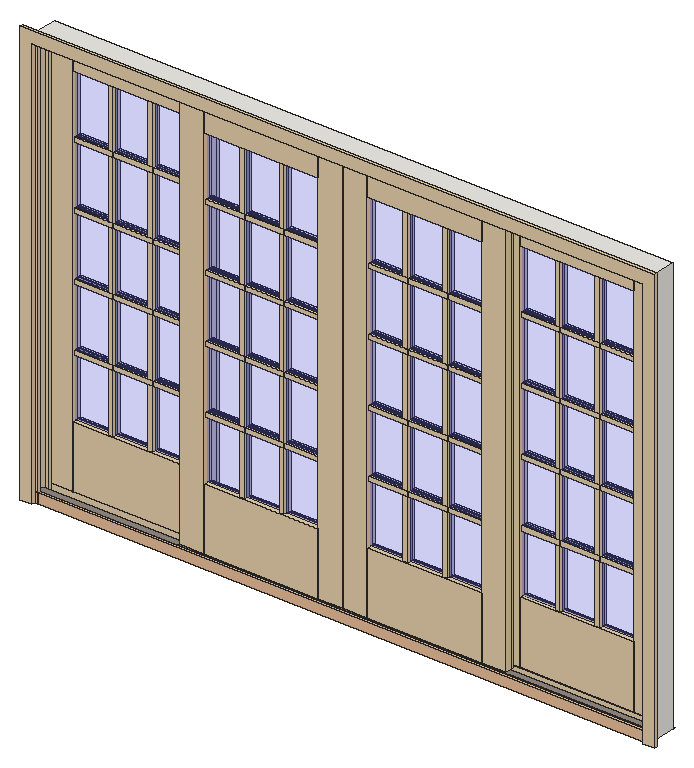
Revit family "Door-Gliding-Andersen-E_Series-Quad 2", category Doors, host Wall, Revit 2013 (continued)
Dimensions and locks (in)
  aligned and locked: plane 54 "Frame S2 Ext" to curve 129
  aligned and locked: plane 9 "Frame S2" to curve 129
  aligned and locked: plane 20 "R Casing 4" to curve 128
  aligned and locked: plane 3 "R Frame" to curve 129
  aligned and locked: plane 13 "Casing S1" to curve 130
  aligned and locked: plane 10 "Flange" to curve 130
  aligned and locked: plane 54 "Frame S2 Ext" to curve 131
  aligned and locked: plane 9 "Frame S2" to curve 131
  aligned and locked: plane 4 "L Frame" to curve 131
  aligned and locked: plane 23 "L Casing 4" to curve 130
  aligned and locked: plane 13 "Casing S1" to curve 132
  aligned and locked: plane 10 "Flange" to curve 132
  aligned and locked: plane 9 "Frame S2" to curve 133
  aligned and locked: plane 5 "T Frame" to curve 133
  aligned and locked: plane 13 "Casing S1" to curve 4
  aligned and locked: plane 32 "T Casing 4" to curve 132
  aligned and locked: plane 4 "L Frame" to Masking region 8 sketch curve
  aligned and locked: plane 5 "T Frame" to Masking region 8 sketch curve
  aligned and locked: Masking region 8 sketch curve to plane 3 "R Frame"
Automatic sketch dimensions
  curve 15 to curve 17 = 0' - 0.988"
  curve 16 to curve 17 = 0' - 1.84113"
  curve 17 to curve 42 = 0' - 0 33/64"
  curve 19 to curve 45 = 0' - 2.0615"
  curve 43 to curve 21 = 0' - 0 1/2"
  curve 21 to curve 17 = 0' - 0 3/4"
  curve 43 to curve 17 = 0' - 0"
  curve 43 to curve 45 = 0' - 0.563"
  curve 42 to curve 42 = 0' - 0 5/8"
  curve 16 to curve 15 = 0' - 0 3/4"
  curve 46 to curve 15 = 0' - 1.08388"
  curve 22 to curve 21 = 0' - 0.21034"
  curve 34 to curve 36 = 0' - 0.988"
  curve 35 to curve 36 = 0' - 1.84113"
  curve 36 to curve 47 = 0' - 0 33/64"
  curve 38 to curve 50 = 0' - 2.0615"
  curve 48 to curve 40 = 0' - 0 1/2"
  curve 40 to curve 36 = 0' - 0 3/4"
  curve 48 to curve 36 = 0' - 0"
  curve 48 to curve 50 = 0' - 0.563"
  curve 47 to curve 47 = 0' - 0 5/8"
  curve 35 to curve 34 = 0' - 0 3/4"
  curve 51 to curve 34 = 0' - 1.08388"
  curve 41 to curve 40 = 0' - 0.21034"
  curve 54 to curve 52 = 0' - 0.988"
  curve 54 to curve 53 = 0' - 1.84113"
  curve 60 to curve 54 = 0' - 0 33/64"
  curve 63 to curve 56 = 0' - 2.0615"
  curve 58 to curve 61 = 0' - 0 1/2"
  curve 58 to curve 54 = 0' - 0 3/4"
  curve 61 to curve 54 = 0' - 0"
  curve 61 to curve 63 = 0' - 0.563"
  curve 60 to curve 60 = 0' - 0 5/8"
  curve 53 to curve 52 = 0' - 0 3/4"
  curve 64 to curve 52 = 0' - 1.08388"
  curve 58 to curve 59 = 0' - 0.21034"
  curve 29 to curve 85 = 0' - 0 1/2"
  curve 85 to curve 23 = 0' - 2.0615"
  curve 23 to curve 23 = 0' - 0 33/64"
  curve 24 to curve 25 = 0' - 2.21925"
  curve 25 to curve 30 = 0' - 0.39954"
  curve 25 to curve 87 = 0' - 0.60988"
  curve 26 to curve 83 = 0' - 0 1/8"
  curve 23 to curve 86 = 0' - 0.062"
  curve 26 to curve 26 = 0' - 0 3/4"
  curve 85 to curve 85 = 0' - 0.563"
  curve 25 to curve 87 = 0' - 0.33388"
  curve 28 to curve 87 = 0' - 0.41612"
  curve 81 to curve 90 = 0' - 0 1/2"
  curve 90 to curve 75 = 0' - 2.0615"
  curve 75 to curve 75 = 0' - 0 33/64"
  curve 76 to curve 77 = 0' - 2.21925"
  curve 77 to curve 82 = 0' - 0.39954"
  curve 77 to curve 92 = 0' - 0.60988"
  curve 78 to curve 88 = 0' - 0 1/8"
  curve 75 to curve 91 = 0' - 0.062"
  curve 78 to curve 78 = 0' - 0 3/4"
  curve 90 to curve 90 = 0' - 0.563"
  curve 77 to curve 92 = 0' - 0.33388"
  curve 80 to curve 92 = 0' - 0.41612"
  curve 67 to curve 68 = 0' - 0.65447"
  curve 68 to curve 70 = 0' - 1.31268"
  curve 71 to curve 65 = 0' - 1.82508"
  curve 65 to curve 65 = 0' - 1.05261"
  curve 93 to curve 71 = 0' - 0.06458"
  curve 65 to curve 65 = 0' - 0.05976"
  curve 65 to curve 73 = 0' - 0.13918"
  curve 71 to curve 71 = 0' - 0.12708"
  curve 71 to curve 72 = 0' - 0 1/8"
  curve 72 to curve 72 = 0' - 0.08478"
  curve 70 to curve 67 = 0' - 1.24271"
  curve 70 to curve 70 = 0' - 1.28489"
  curve 68 to curve 69 = 0' - 0.13398"
  curve 66 to curve 65 = 0' - 0.09649"
  curve 67 to curve 67 = 0' - 1 7/8"
  curve 72 to curve 95 = 0' - 1.60869"
  curve 69 to curve 94 = 0' - 1.21767"
  curve 9 to curve 67 = 0' - 0"
  curve 93 to curve 9 = 0' - 1 15/128"
  curve 93 to curve 9 = 0' - 0"
  curve 10 to curve 67 = 0' - 0"
  curve 8 to curve 66 = 0' - 0"
  curve 96 to curve 96 = 0' - 5 29/32"
  curve 97 to curve 97 = 0' - 5 29/32"
  curve 7 to curve 7 = 0' - 5 29/32"
  curve 103 to curve 104 = 0' - 0.65447"
  curve 104 to curve 106 = 0' - 1.31268"
  curve 107 to curve 101 = 0' - 1.82508"
  curve 101 to curve 101 = 0' - 1.05261"
  curve 111 to curve 107 = 0' - 0.06458"
  curve 101 to curve 101 = 0' - 0.05976"
  curve 101 to curve 109 = 0' - 0.13918"
  curve 107 to curve 107 = 0' - 0.12708"
  curve 107 to curve 108 = 0' - 0 1/8"
  curve 108 to curve 108 = 0' - 0.08478"
  curve 106 to curve 103 = 0' - 1.24271"
  curve 106 to curve 106 = 0' - 1.28489"
  curve 104 to curve 105 = 0' - 0.13398"
  curve 102 to curve 101 = 0' - 0.09649"
  curve 103 to curve 103 = 0' - 1 7/8"
  curve 108 to curve 113 = 0' - 1.60869"
  curve 105 to curve 112 = 0' - 1.21767"
  curve 99 to curve 103 = 0' - 0"
  curve 111 to curve 99 = 0' - 1 15/128"
  curve 111 to curve 99 = 0' - 0"
  curve 100 to curve 103 = 0' - 0"
  curve 98 to curve 102 = 0' - 0"
  Sweep 8 sketch curve to level = 0' - 0"  (x2)
  profile plane to Sweep 8 sketch curve = 0' - 0 3/4"
  profile plane to Sweep 12 sketch curve = 0' - 1.85627"
  Sweep 12 sketch curve to Sweep 12 sketch curve = 0' - 1.73369"
  Split face 1 sketch curve to Sweep 12 = 0' - 0"
  Split face 1 sketch curve to Sweep 12 = 0' - 1.83234"
  Split face 3 sketch curve to Sweep 10 = 0' - 0"  (x2)
  Split face 4 sketch curve to Sweep 10 = 0' - 0"
  Sweep 10 to Split face 4 sketch curve = 0' - 0"
  Sweep 10 to Split face 5 sketch curve = 0' - 0"
  Split face 5 sketch curve to Sweep 10 = 0' - 0"
  Split face 6 sketch curve to Sweep 10 = 0' - 0"  (x2)
  Split face 7 sketch curve to Sweep 8 = 0' - 0"
  Sweep 8 to Split face 7 sketch curve = 0' - 0"
  Sweep 8 to Split face 8 sketch curve = 0' - 0"  (x2)
  Split face 9 sketch curve to Sweep 8 = 0' - 0"  (x2)
  Split face 10 sketch curve to Sweep 8 = 0' - 0"
  Sweep 8 to Split face 10 sketch curve = 0' - 0"
  Split face 11 sketch curve to Sweep 8 = 0' - 0"  (x2)
  Split face 12 sketch curve to Sweep 8 = 0' - 0"  (x2)
  profile plane to Sweep 7 sketch curve = 0' - 1 3/8"
  profile plane to Sweep 7 sketch curve = 0' - 1.313"
  Sweep 7 sketch curve to plane 10 "Flange" = 0' - 4 1/16"
  profile plane to Sweep 7 sketch curve = 0' - 0.41612"
  plane 10 "Flange" to Sweep 7 sketch curve = 0' - 0.35575"
  Sweep 7 sketch curve to Sweep 7 sketch curve = 0' - 0.21034"
  curve 121 to plane 11 "Frame S1" = 0' - 0"
  curve 33 to plane 3 "R Frame" = 0' - 0"
  curve 12 to plane 3 "R Frame" = 0' - 0"
  curve 115 to plane 3 "R Frame" = 0' - 0"
  curve 33 to plane 36 "R Xjamb 1" = 0' - 0"
  curve 12 to plane 17 "R Casing 1" = 0' - 0 1/8"
  Sweep 9 sketch curve to profile plane = 0' - 0.09649"
  Sweep 9 sketch curve to plane 10 "Flange" = 0' - 3.94709"
  Sweep 9 sketch curve to profile plane = 0' - 0 5/32"
  Sweep 9 sketch curve to Sweep 9 sketch curve = 0' - 0.13918"
  Sweep 9 sketch curve to profile plane = 0' - 0.42251"
  Sweep 9 sketch curve to Sweep 9 sketch curve = 0' - 0 1/8"
  Sweep 9 sketch curve to profile plane = 0' - 0.63229"
  Sweep 9 sketch curve to Sweep 9 sketch curve = 0' - 1.28489"
  Sweep 9 sketch curve to Sweep 9 sketch curve = 0' - 0.13398"
  Sweep 9 sketch curve to Sweep 9 sketch curve = 0' - 1.31268"
  plane 10 "Flange" to Sweep 9 sketch curve = 0' - 0.40833"
  curve 32 to level = 0' - 0"
  curve 31 to level = 0' - 0"
  curve 119 to plane 46 "B Panel" = 0' - 0"
  curve 31 to plane 46 "B Panel" = 0' - 0"
  Sweep 13 sketch curve to profile plane = 0' - 0"
  Sweep 13 sketch curve to plane 10 "Flange" = 0' - 1.41675"
  Sweep 13 sketch curve to profile plane = 0' - 1.73369"
  plane 10 "Flange" to Sweep 13 sketch curve = 0' - 0 11/32"
  Sweep 13 sketch curve to Sweep 13 sketch curve = 0' - 0.12258"
  Split face 2 sketch curve to Sweep 13 = 0' - 0"
  Split face 2 sketch curve to Sweep 13 = 0' - 0 3/8"
  Split face 2 sketch curve to Split face 2 sketch curve = 0' - 1.83234"
  Split face 13 sketch curve to Sweep 7 = 0' - 0"
  Sweep 7 to Split face 13 sketch curve = 0' - 0"
  Split face 14 sketch curve to Sweep 7 = 0' - 0"  (x2)
  Split face 15 sketch curve to Sweep 7 = 0' - 0"  (x2)
  curve 116 to plane 10 "Flange" = 0' - 0"
  curve 14 to level = 0' - 0"
  curve 14 to plane 57 "Sill Interior" = 0' - 0"
  curve 14 to plane 58 "Sill Exterior" = 0' - 0"
  plane 30 "T Casing 2" to curve 1 = 0' - 0"
  curve 3 to plane 11 "Frame S1" = 0' - 0"
  curve 11 to plane 11 "Frame S1" = 0' - 0"
  plane 31 "T Casing 3" to curve 1 = 0' - 0"
  level to curve 119 = 0' - 0.29543"
Nested families (in)
  nested 1: "Gliding_Panel" at (42.8122, -0.25, 2.1562), Width <- "Panel Width", Height <- "Panel Height", Between Glass Grille Bar Finish <- "Between Glass Grille Bar Finish", Exterior Grille Bar Finish <- "Exterior Grille Bar Finish", Between Glass Grille Bar Visibility <- "Between Glass Grille Bar Visibility", Exterior Grille Bar Visibility <- "Exterior Grille Bar Visibility", Interior Grille Bar Visibility <- "Interior Grille Bar Visibility", . . Lights Wide <- ". . Lights Wide", . . Top Glass Lights High <- ". . Top Light Lights High", . . Bottom Glass Lights High <- ". . Bottom Light Lights High", . . .Lights Wide <- ". . .Lights Wide", . . .Lights High <- ". . .Lights High", . . .Bottom Bar Location <- ". . .Bottom Bar Location", . . .Bottom Bar Size <- ". . .Bottom Bar Size", Enter Pattern Number <- "Enter Pattern Number", Grille Bar Size <- "Grille Bar Size", Exterior Panel Finish <- "Exterior Panel Finish", Glazing <- "Glazing Material", Interior Material <- "Interior Material", type <- "Panel Type", Right Jamb Material <- "Exterior Panel Finish", Left Jamb Material <- "Exterior Panel Finish", type "SP2"
    with Width 2' - 7 1/4", VGB DLO 0' - 6.7084", V Bars 2, TS V DLO 5' - 0 3/16", TS V Bar Length 5' - 0 3/16", TS SH DLO 2' - 10 25/32", TS S V no, TS S H Craftsman no, TS S H no, TS M V yes, TS M H yes, TS HGB DLO 0' - 11.3375", TS H Bars 4, Right Jamb Material Aluminum - Andersen - Painted - White, Left Jamb Material Aluminum - Andersen - Painted - White, LW 3, Is Outswing no, Is Inswing no, Is Gliding no, Interior Material Wood - Andersen - Pine, Interior Grille Bar Visibility yes, Horizontal Craftsman Bar Size 0' - 0 7/8", Hinge "", Height 6' - 4 7/8", H DLO 1' - 9.8752", Grille Bar Size 0' - 0 7/8", Glazing Glass ‐ Andersen - Low-E4 SmartSun, Exterior Panel Finish Aluminum - Andersen - Painted - White, Exterior Grille Bar Visibility yes, Exterior Grille Bar Finish Aluminum - Andersen - Painted - White, Enter Pattern Number 1, CTRL Elevation Swing Visibility no, Between Glass Grille Bar Visibility yes, Between Glass Grille Bar Finish Stainless Steel - Andersen - Standard, BS V DLO 1' - 8 11/32", BS SH DLO 1' - 10 11/64", BS S V no, BS S H no, BS M V no, BS M H no, BS HGB DLO 0' - 5", BS H Bars 2, . . Top Glass Lights High 5, . . Lights Wide 3, . . Bottom Glass Lights High 2, . . .Lights Wide 3, . . .Lights High 1, . . .Bottom Bar Size 0' - 0 7/8", . . .Bottom Bar Location 1' - 0"
  nested 2: "Gliding_Panel" at (-15.625, -2.76125, 2.1562) x (-1, 0, 0) z (0, 0, 1), Width <- "Panel Width", Height <- "Panel Height", Between Glass Grille Bar Finish <- "Between Glass Grille Bar Finish", Exterior Grille Bar Finish <- "Exterior Grille Bar Finish", Between Glass Grille Bar Visibility <- "Between Glass Grille Bar Visibility", Exterior Grille Bar Visibility <- "Exterior Grille Bar Visibility", Interior Grille Bar Visibility <- "Interior Grille Bar Visibility", . . Lights Wide <- ". . Lights Wide", . . Top Glass Lights High <- ". . Top Light Lights High", . . Bottom Glass Lights High <- ". . Bottom Light Lights High", . . .Lights Wide <- ". . .Lights Wide", . . .Lights High <- ". . .Lights High", . . .Bottom Bar Location <- ". . .Bottom Bar Location", . . .Bottom Bar Size <- ". . .Bottom Bar Size", Enter Pattern Number <- "Enter Pattern Number", Grille Bar Size <- "Grille Bar Size", Is Gliding <- "Is Gliding", Exterior Panel Finish <- "Exterior Panel Finish", Glazing <- "Glazing Material", Interior Material <- "Interior Material", type <- "Panel Type", Left Jamb Material <- "Interior Material", Right Jamb Material <- "Interior Material", type "SP2"
    with Width 2' - 7 1/4", VGB DLO 0' - 6.7084", V Bars 2, TS V DLO 5' - 0 3/16", TS V Bar Length 5' - 0 3/16", TS SH DLO 2' - 10 25/32", TS S V no, TS S H Craftsman no, TS S H no, TS M V yes, TS M H yes, TS HGB DLO 0' - 11.3375", TS H Bars 4, Right Jamb Material Wood - Andersen - Pine, Left Jamb Material Wood - Andersen - Pine, LW 3, Is Outswing no, Is Inswing no, Is Gliding yes, Interior Material Wood - Andersen - Pine, Interior Grille Bar Visibility yes, Horizontal Craftsman Bar Size 0' - 0 7/8", Hinge "", Height 6' - 4 7/8", H DLO 1' - 9.8752", Grille Bar Size 0' - 0 7/8", Glazing Glass ‐ Andersen - Low-E4 SmartSun, Exterior Panel Finish Aluminum - Andersen - Painted - White, Exterior Grille Bar Visibility yes, Exterior Grille Bar Finish Aluminum - Andersen - Painted - White, Enter Pattern Number 1, CTRL Elevation Swing Visibility no, Between Glass Grille Bar Visibility yes, Between Glass Grille Bar Finish Stainless Steel - Andersen - Standard, BS V DLO 1' - 8 11/32", BS SH DLO 1' - 10 11/64", BS S V no, BS S H no, BS M V no, BS M H no, BS HGB DLO 0' - 5", BS H Bars 2, . . Top Glass Lights High 5, . . Lights Wide 3, . . Bottom Glass Lights High 2, . . .Lights Wide 3, . . .Lights High 1, . . .Bottom Bar Size 0' - 0 7/8", . . .Bottom Bar Location 1' - 0"
  nested 3: "Gliding_Panel" at (-42.8125, -0.25, 2.1562) x (-1, 0, 0) z (0, 0, 1), Width <- "Panel Width", Height <- "Panel Height", Between Glass Grille Bar Finish <- "Between Glass Grille Bar Finish", Exterior Grille Bar Finish <- "Exterior Grille Bar Finish", Between Glass Grille Bar Visibility <- "Between Glass Grille Bar Visibility", Exterior Grille Bar Visibility <- "Exterior Grille Bar Visibility", Interior Grille Bar Visibility <- "Interior Grille Bar Visibility", . . Lights Wide <- ". . Lights Wide", . . Top Glass Lights High <- ". . Top Light Lights High", . . Bottom Glass Lights High <- ". . Bottom Light Lights High", . . .Lights Wide <- ". . .Lights Wide", . . .Lights High <- ". . .Lights High", . . .Bottom Bar Location <- ". . .Bottom Bar Location", . . .Bottom Bar Size <- ". . .Bottom Bar Size", Enter Pattern Number <- "Enter Pattern Number", Grille Bar Size <- "Grille Bar Size", Exterior Panel Finish <- "Exterior Panel Finish", Glazing <- "Glazing Material", Interior Material <- "Interior Material", type <- "Panel Type", Right Jamb Material <- "Exterior Panel Finish", Left Jamb Material <- "Exterior Panel Finish", type "SP2"
    with Width 2' - 7 1/4", VGB DLO 0' - 6.7084", V Bars 2, TS V DLO 5' - 0 3/16", TS V Bar Length 5' - 0 3/16", TS SH DLO 2' - 10 25/32", TS S V no, TS S H Craftsman no, TS S H no, TS M V yes, TS M H yes, TS HGB DLO 0' - 11.3375", TS H Bars 4, Right Jamb Material Aluminum - Andersen - Painted - White, Left Jamb Material Aluminum - Andersen - Painted - White, LW 3, Is Outswing no, Is Inswing no, Is Gliding no, Interior Material Wood - Andersen - Pine, Interior Grille Bar Visibility yes, Horizontal Craftsman Bar Size 0' - 0 7/8", Hinge "", Height 6' - 4 7/8", H DLO 1' - 9.8752", Grille Bar Size 0' - 0 7/8", Glazing Glass ‐ Andersen - Low-E4 SmartSun, Exterior Panel Finish Aluminum - Andersen - Painted - White, Exterior Grille Bar Visibility yes, Exterior Grille Bar Finish Aluminum - Andersen - Painted - White, Enter Pattern Number 1, CTRL Elevation Swing Visibility no, Between Glass Grille Bar Visibility yes, Between Glass Grille Bar Finish Stainless Steel - Andersen - Standard, BS V DLO 1' - 8 11/32", BS SH DLO 1' - 10 11/64", BS S V no, BS S H no, BS M V no, BS M H no, BS HGB DLO 0' - 5", BS H Bars 2, . . Top Glass Lights High 5, . . Lights Wide 3, . . Bottom Glass Lights High 2, . . .Lights Wide 3, . . .Lights High 1, . . .Bottom Bar Size 0' - 0 7/8", . . .Bottom Bar Location 1' - 0"
  nested 4: "Gliding_Panel" at (15.625, -2.76125, 2.1562), Width <- "Panel Width", Height <- "Panel Height", Between Glass Grille Bar Finish <- "Between Glass Grille Bar Finish", Exterior Grille Bar Finish <- "Exterior Grille Bar Finish", Between Glass Grille Bar Visibility <- "Between Glass Grille Bar Visibility", Exterior Grille Bar Visibility <- "Exterior Grille Bar Visibility", Interior Grille Bar Visibility <- "Interior Grille Bar Visibility", . . Lights Wide <- ". . Lights Wide", . . Top Glass Lights High <- ". . Top Light Lights High", . . Bottom Glass Lights High <- ". . Bottom Light Lights High", . . .Lights Wide <- ". . .Lights Wide", . . .Lights High <- ". . .Lights High", . . .Bottom Bar Location <- ". . .Bottom Bar Location", . . .Bottom Bar Size <- ". . .Bottom Bar Size", Enter Pattern Number <- "Enter Pattern Number", Grille Bar Size <- "Grille Bar Size", Is Gliding <- "Is Gliding", Exterior Panel Finish <- "Exterior Panel Finish", Glazing <- "Glazing Material", Interior Material <- "Interior Material", type <- "Panel Type", Right Jamb Material <- "Interior Material", Left Jamb Material <- "Interior Material", type "SP2"
    with Width 2' - 7 1/4", VGB DLO 0' - 6.7084", V Bars 2, TS V DLO 5' - 0 3/16", TS V Bar Length 5' - 0 3/16", TS SH DLO 2' - 10 25/32", TS S V no, TS S H Craftsman no, TS S H no, TS M V yes, TS M H yes, TS HGB DLO 0' - 11.3375", TS H Bars 4, Right Jamb Material Wood - Andersen - Pine, Left Jamb Material Wood - Andersen - Pine, LW 3, Is Outswing no, Is Inswing no, Is Gliding yes, Interior Material Wood - Andersen - Pine, Interior Grille Bar Visibility yes, Horizontal Craftsman Bar Size 0' - 0 7/8", Hinge "", Height 6' - 4 7/8", H DLO 1' - 9.8752", Grille Bar Size 0' - 0 7/8", Glazing Glass ‐ Andersen - Low-E4 SmartSun, Exterior Panel Finish Aluminum - Andersen - Painted - White, Exterior Grille Bar Visibility yes, Exterior Grille Bar Finish Aluminum - Andersen - Painted - White, Enter Pattern Number 1, CTRL Elevation Swing Visibility no, Between Glass Grille Bar Visibility yes, Between Glass Grille Bar Finish Stainless Steel - Andersen - Standard, BS V DLO 1' - 8 11/32", BS SH DLO 1' - 10 11/64", BS S V no, BS S H no, BS M V no, BS M H no, BS HGB DLO 0' - 5", BS H Bars 2, . . Top Glass Lights High 5, . . Lights Wide 3, . . Bottom Glass Lights High 2, . . .Lights Wide 3, . . .Lights High 1, . . .Bottom Bar Size 0' - 0 7/8", . . .Bottom Bar Location 1' - 0"
Definition of nested family "Gliding_Panel"
  Parameters (values of type "SP3")
    URL = "www.eaglewindow.com"
    Right Jamb Material [instance] = Wood - Andersen - Pine
    Model = "E-Series Doors"  # constant formula
    Manufacturer = "Andersen Corporation"  # constant formula
    Left Jamb Material [instance] = Wood - Andersen - Pine
    Is Gliding [instance] = no
    Interior Material [instance] = Wood - Andersen - Pine
    Hinge [instance] = ""
    Grille Bar Sizes = "5/8'', 7/8'', 1 1/8'', 1 1/2'', 2 1/4''"  # constant formula
    Glazing [instance] = Glass ‐ Andersen - Low-E4 SmartSun
    Exterior Panel Finish [instance] = Aluminum - Andersen - Painted - White
    Description = "Aluminum-Clad Wood Doors"  # constant formula
    CTRL Elevation Swing Visibility [instance] = or(Is Outswing, Is Inswing)  # no
    Between Glass Grille Bar Sizes = "5/8'', 1''"  # constant formula
    Grille Bar Size [instance] = 0' - 0 7/8"
    Enter Pattern Number [instance] = 1
    Pattern Number 1 = "Traditional"  # constant formula
    Pattern Number 2 = "Traditional Top Light Only"  # constant formula
    Analytic Construction = "<None>"
    . . Lights Wide [instance] = 3
    . . Top Glass Lights High [instance] = 3
    . . Bottom Glass Lights High [instance] = 4
    Pattern Number 3 = "Praire Each Light"  # constant formula
    Pattern Number 4 = "Praire Top Light Only"  # constant formula
    Pattern Number 5 = "Praire Overall"  # constant formula
    Pattern Number 6 = "Craftsman"  # constant formula
    . . .Lights Wide [instance] = 3
    . . .Lights High [instance] = 1
    . . .Bottom Bar Location [instance] = 1' - 6"
    . . .Bottom Bar Size [instance] = 0' - 0 7/8"
    Interior Grille Bar Visibility [instance] = yes
    Exterior Grille Bar Visibility [instance] = yes
    Between Glass Grille Bar Visibility [instance] = yes
    Width [instance] = 2' - 10 3/4"
    VGB DLO [instance] = if(or(Enter Pattern Number = 3, or(Enter Pattern Number = 4, Enter Pattern Number = 5)), 0' 5", (H DLO - (Grille Bar Size * (V Bars))) / if(LW > 2, LW, 3))  # 0' - 9.16667"
    V Bars [instance] = if(LW > 2, LW - 1, 2)  # 2
    Type Comments = "Aluminum-Clad Wood"
    Top Rail Size = 0' - 2 3/4"
    Thickness = 0' - 1 3/4"
    TS V DLO [instance] = if(Has Middle Rail, Height - Top Rail Size - Middle Rail Size - Middle Rail Offset, Height - Bottom Rail Size - Top Rail Size)  # 6' - 6 1/2"
    TS V Bar Length [instance] = if(Enter Pattern Number = 6, . . .Bottom Bar Location - Top Rail Size - (. . .Bottom Bar Size / 2), TS V DLO)  # 6' - 6 1/2"
    TS SH DLO [instance] = if(Enter Pattern Number = 5, Top Rail Size + 0' 5" + (Grille Bar Size / 2), if(Enter Pattern Number = 6, . . .Bottom Bar Location, (TS V DLO / 2) + Top Rail Size))  # 3' - 6"
    TS S V [instance] = LW = 2  # no
    TS S H Craftsman [instance] = and(Enter Pattern Number = 6, . . .Lights High = 2)  # no
    TS S H [instance] = or(or(and(. . Top Glass Lights High = 2, or(or(or(Enter Pattern Number = 5, Enter Pattern Number = 6), Enter Pattern Number = 1), Enter Pattern Number = 2)), Enter Pattern Number = 6), Enter Pattern Number = 5)  # no
    TS M V [instance] = or(or(or(or(or(and(LW > 2, Enter Pattern Number = 1), and(LW > 2, Enter Pattern Number = 2)), Enter Pattern Number = 3), Enter Pattern Number = 4), Enter Pattern Number = 5), and(LW > 2, Enter Pattern Number = 6))  # yes
    TS M H [instance] = or(or(or(and(. . Top Glass Lights High > 2, Enter Pattern Number = 1), and(. . Top Glass Lights High > 2, Enter Pattern Number = 2), Enter Pattern Number = 3), Enter Pattern Number = 4), and(. . .Lights High > 2, Enter Pattern Number = 6))  # yes
    TS HGB DLO [instance] = if(or(Enter Pattern Number = 3, Enter Pattern Number = 4), 0' 5", if(and(Enter Pattern Number = 6, . . .Lights High > 2), (TS V Bar Length - (Grille Bar Size * (. . .Lights High - 1))) / . . .Lights High, if(. . Top Glass Lights High > 2, (TS V Bar Length - (. . .Bottom Bar Size * (. . Top Glass Lights High - 1))) / . . Top Glass Lights High, 0' 5")))  # 2' - 1.58333"
    TS H Bars [instance] = if(or(Enter Pattern Number = 3, Enter Pattern Number = 4), 2, if(and(Enter Pattern Number = 6, . . .Lights High > 2), . . .Lights High - 1, if(. . Top Glass Lights High > 2, . . Top Glass Lights High - 1, 2)))  # 2
    LW [instance] = if(or(Enter Pattern Number = 1, Enter Pattern Number = 2), . . Lights Wide, if(Enter Pattern Number = 6, . . .Lights Wide, 3))  # 3
    Horizontal Craftsman Bar Size [instance] = if(Enter Pattern Number = 6, . . .Bottom Bar Size, Grille Bar Size)  # 0' - 0 7/8"
    Stile Size = 0' - 2 3/4"
    Middle Rail Size = 0' - 2 3/4"
    Middle Rail Offset = 2' - 8 11/32"
    Is Outswing [instance] = no
    Is Inswing [instance] = no
    Height [instance] = 7' - 0"
    No Middle Rail = not(Has Middle Rail)  # yes
    Has Middle Rail = 1 = 0  # no
    H DLO [instance] = Width - (2 * Stile Size)  # 2' - 5 1/4"
    Family Version = "06.01.14"  # constant formula
    Exterior Grille Bar Finish [instance] = Aluminum - Andersen - Painted - White
    Bottom Rail Size = 0' - 2 3/4"
    Between Glass Grille Bar Finish [instance] = Stainless Steel - Andersen - Standard
    BS V DLO [instance] = Middle Rail Offset - Bottom Rail Size  # 2' - 5 19/32"
    BS SH DLO [instance] = if(Enter Pattern Number = 5, Bottom Rail Size + 0' 5" + (Grille Bar Size / 2), (BS V DLO / 2) + Bottom Rail Size)  # 1' - 5 35/64"
    BS S V [instance] = and(and(LW = 2, Enter Pattern Number = 1), Has Middle Rail)  # no
    BS S H [instance] = or(and(. . Bottom Glass Lights High = 2, Enter Pattern Number = 1, Has Middle Rail), Enter Pattern Number = 5)  # no
    BS M V [instance] = and(or(or(and(LW > 2, Enter Pattern Number = 1), Enter Pattern Number = 3), Enter Pattern Number = 5), Has Middle Rail)  # no
    BS M H [instance] = and(or(and(. . Bottom Glass Lights High > 2, Enter Pattern Number = 1), Enter Pattern Number = 3), Has Middle Rail)  # no
    BS HGB DLO [instance] = if(. . Bottom Glass Lights High > 2, if(Enter Pattern Number = 3, 0' 5", (BS V DLO - (Grille Bar Size * (. . Bottom Glass Lights High - 1))) / . . Bottom Glass Lights High), 0' 5")  # 0' - 6 95/128"
    BS H Bars [instance] = if(Enter Pattern Number = 3, 2, if(. . Bottom Glass Lights High > 2, . . Bottom Glass Lights High - 1, 2))  # 3
    Appear In Schedule = 0 = 1  # no
  Types (3): name | Right Jamb Material | Left Jamb Material | VGB DLO | Top Rail Size | TS V DLO | TS V Bar Length | TS SH DLO | TS HGB DLO | Stile Size | Middle Rail Size | H DLO | Bottom Rail Size | BS V DLO | BS SH DLO | BS HGB DLO
    SP1 | Aluminum - Andersen - Painted - White | Aluminum - Andersen - Painted - White | 0' - 7.87507" | 0' - 4 11/16" | 5' - 11 5/16" | 5' - 11 5/16" | 3' - 4 11/32" | 1' - 11 3/16" | 0' - 4.6874" | 0' - 5 5/16" | 2' - 1.3752" | 0' - 8" | 2' - 0 11/32" | 1' - 8 11/64" | 0' - 5 55/128"
    SP2 | Aluminum - Andersen - Painted - White | Aluminum - Andersen - Painted - White | 0' - 7.87507" | 0' - 4 11/16" | 5' - 7 5/16" | 5' - 7 5/16" | 3' - 2 11/32" | 1' - 9.85417" | 0' - 4.6874" | 0' - 5 5/16" | 2' - 1.3752" | 1' - 0" | 1' - 8 11/32" | 1' - 10 11/64" | 0' - 4 55/128"
    SP3 | Wood - Andersen - Pine | Wood - Andersen - Pine | 0' - 9.16667" | 0' - 2 3/4" | 6' - 6 1/2" | 6' - 6 1/2" | 3' - 6" | 2' - 1.58333" | 0' - 2 3/4" | 0' - 2 3/4" | 2' - 5 1/4" | 0' - 2 3/4" | 2' - 5 19/32" | 1' - 5 35/64" | 0' - 6 95/128"
  Reference planes (in)
    plane 1 "Center (Front/Back)": y = 0
    plane 2 "Bottom": z = 0
    plane 3 "Center (Left/Right)": x = 0
    plane 4 "Panel S1": y = 0.875
    plane 5 "Panel S2": y = -0.875
    plane 6 "Left": x = -17.375
    plane 7 "Right": x = 17.375
    plane 8 "Top": z = 84
    plane 9 "Center (Elevation)": z = 42
    plane 10 "Right of Left Side": x = -14.625
    plane 11 "Left of Right Side": x = 14.625
    plane 12 "Top of Bottom Rail": z = 2.75
    plane 13 "Bottom of Top Rail": z = 81.25
    plane 14 "Bottom of Middle Rail": z = 32.34375
    plane 15 "Top of Middle Rail": z = 35.09375
    plane 16 "Glass S4": y = -0.25
    plane 17 "Glass S1": y = 0.5
    plane 18 "Glass S3": y = -0.125
    plane 19 "Glass S2": y = 0.375
    plane 20 "B DLO": z = 2.75
    plane 21 "Sliding Elevation": x = -5.7729
  Forms (in)
    Sweep 1, solid, material "Aluminum - Andersen - Painted - White" <- "Exterior Panel Finish"
      path origin (0, 0, 0) x (1, 0, 0) y (0, 0, 1)
        loop
          line (0, 84) -> (0, 0)
      profile origin (0, 0, 42) x (0, -1, 0) y (1, 0, 0)
        loop
          line (-0.875, -17.375) -> (-0.5, -17.375) -> (-0.5, -14.625) -> (-0.875, -14.625) -> (-0.875, -17.375)
        loop
          line (-0.875, 17.375) -> (-0.875, 14.625) -> (-0.5, 14.625) -> (-0.5, 17.375) -> (-0.875, 17.375)
    Sweep 2, solid, material "Aluminum - Andersen - Painted - White" <- "Exterior Panel Finish"
      path origin (0, 0, 0) x (1, 0, 0) y (0, 0, 1)
        loop
          line (-14.625, 2.75) -> (14.625, 2.75)
      profile origin (0, 0, 2.75) x (0, 0, 1) y (0, -1, 0)
        loop
          line (0, -0.875) -> (0, -0.5) -> (-2.75, -0.5) -> (-2.75, -0.875) -> (0, -0.875)
        loop
          line (78.5, -0.5) -> (78.5, -0.875) -> (81.25, -0.875) -> (81.25, -0.5) -> (78.5, -0.5)
    Sweep 3, solid, material "Wood - Andersen - Pine" <- "Interior Material"
      path origin (0, 0, 0) x (1, 0, 0) y (0, 0, 1)
        loop
          line (0, 84) -> (0, 0)
      profile origin (0, 0, 42) x (0, -1, 0) y (1, 0, 0)
        loop
          line (0.875, 17.375) -> (-0.5, 17.375) -> (-0.5, 14.625) -> (0.875, 14.625) -> (0.875, 17.375)
        loop
          line (0.875, -14.625) -> (-0.5, -14.625) -> (-0.5, -17.375) -> (0.875, -17.375) -> (0.875, -14.625)
    Sweep 4, solid, material "Wood - Andersen - Pine" <- "Interior Material"
      path origin (0, 0, 0) x (1, 0, 0) y (0, 0, 1)
        loop
          line (-14.625, 35.09375) -> (14.625, 35.09375)
      profile origin (0, 0, 35.09375) x (0, 0, 1) y (0, -1, 0)
        loop
          line (48.90625, 0.875) -> (46.15625, 0.875) -> (46.15625, -0.5) -> (48.90625, -0.5) -> (48.90625, 0.875)
        loop
          line (-32.34375, 0.875) -> (-35.09375, 0.875) -> (-35.09375, -0.5) -> (-32.34375, -0.5) -> (-32.34375, 0.875)
    Sweep 5, solid, material "Glass ‐ Andersen - Low-E4 SmartSun" <- "Glazing"
      path origin (0, 0, 0) x (1, 0, 0) y (0, 0, 1)
        loop
          line (0, 81.25) -> (0, 2.75)
      profile origin (0, 0, 42) x (0, -1, 0) y (1, 0, 0)
        loop
          line (-0.5, 14.625) -> (-0.5, -14.625) -> (0.25, -14.625) -> (0.25, 14.625) -> (-0.5, 14.625)
    Sweep 6, solid, material "Aluminum - Andersen - Painted - White" <- "Exterior Panel Finish", visible <- "Has Middle Rail"
      path origin (0, 0, 0) x (1, 0, 0) y (0, 0, 1)
        loop
          line (-14.625, 35.09375) -> (14.625, 35.09375)
      profile origin (0, 0, 35.09375) x (0, 0, 1) y (0, -1, 0)
        loop
          line (0, -0.875) -> (0, -0.5) -> (-2.75, -0.5) -> (-2.75, -0.875) -> (0, -0.875)
    Sweep 7, solid, material "Wood - Andersen - Pine" <- "Interior Material", visible <- "Has Middle Rail"
      path origin (0, 0, 0) x (1, 0, 0) y (0, 0, 1)
        loop
          line (-14.625, 35.09375) -> (14.625, 35.09375)
      profile origin (0, 0, 35.09375) x (0, 0, 1) y (0, -1, 0)
        loop
          line (0, -0.5) -> (0, 0.875) -> (-2.75, 0.875) -> (-2.75, -0.5) -> (0, -0.5)
  Lines and regions (in)
    Masking region 1
      outline origin (0, 0, 0) x (1, 0, 0) y (0, 1, 0)
        loop
          line (17.375, 0.875) -> (-17.375, 0.875) -> (-17.375, -0.875) -> (17.375, -0.875) -> (17.375, 0.875)
    Masking region 2
      outline origin (0, 0, 0) x (0, 1, 0) y (0, 0, 1)
        loop
          line (0.875, 84) -> (-0.875, 84) -> (-0.875, 0) -> (0.875, 0) -> (0.875, 84)
    Masking region 3
      outline origin (0, 0, 0) x (1, 0, 0) y (0, 0, 1)
        loop
          line (17.375, 84) -> (-17.375, 84) -> (-17.375, 0) -> (17.375, 0) -> (17.375, 84)
    symbolic lines, style "DoorsPanelProjection"
      curve 1: line (14.625, 0, 81.25) -> (-14.625, 0, 81.25)
      curve 6: line (-14.625, 0, 2.75) -> (14.625, 0, 2.75)
    symbolic lines, style "DoorsPanelProjection", detail levels medium+fine
      curve 2: line (14.625, 0, 0) -> (14.625, 0, 84)
      curve 4: line (-14.625, 0, 84) -> (-14.625, 0, 0)
    symbolic lines, style "DoorsPanelProjection", visible <- "Has Middle Rail"
      curve 3: line (-14.625, 0, 35.09375) -> (14.625, 0, 35.09375)
      curve 5: line (14.625, 0, 32.34375) -> (-14.625, 0, 32.34375)
    symbolic lines, style "Plan Swing", visible <- "Is Outswing"
      curve 7: line (17.375, 0.875, 0) -> (17.375, 35.625, 0)
      curve 8: arc (-17.375, 0.875, 0) -> (-6.90927, 25.15927, 0) -> (17.375, 35.625, 0) r 35.7816
    symbolic lines, style "Plan Swing", visible <- "Is Inswing"
      curve 9: line (17.375, -0.875, 0) -> (17.375, -35.625, 0)
      curve 10: arc (-17.375, -0.875, 0) -> (-7.19696, -25.44696, 0) -> (17.375, -35.625, 0) r 34.75
    symbolic lines, style "Elevation Swing", visible <- "CTRL Elevation Swing Visibility"
      curve 11: line (-17.375, 0, 84) -> (17.375, 0, 42)
      curve 12: line (17.375, 0, 42) -> (-17.375, 0, 0)
    symbolic lines, style "DoorsGlassProjection", detail levels fine
      curve 13: line (0, -0.125, 81.25) -> (0, -0.125, 34.46875)
      curve 14: line (0, 0.375, 81.25) -> (0, 0.375, 34.46875)
      curve 15: line (0, -0.125, 32.34375) -> (0, -0.125, 2.75)
      curve 16: line (0, 0.375, 32.34375) -> (0, 0.375, 2.75)
      curve 17: line (-14.625, -0.125, 0) -> (14.625, -0.125, 0)
      curve 18: line (-14.625, 0.375, 0) -> (14.625, 0.375, 0)
      curve 49: line (14.625, 0.375, 0) -> (15.25, 0.375, 0)
      curve 50: line (14.625, -0.125, 0) -> (15.25, -0.125, 0)
      curve 51: line (14.75, -0.125, 0) -> (14.75, 0.375, 0)
      curve 55: line (-14.625, 0.375, 0) -> (-15.25, 0.375, 0)
      curve 56: line (-14.625, -0.125, 0) -> (-15.25, -0.125, 0)
      curve 57: line (-14.75, -0.125, 0) -> (-14.75, 0.375, 0)
      curve 68: line (0, -0.125, 2.75) -> (0, -0.125, 2.125)
      curve 69: line (0, -0.125, 2.625) -> (0, 0.375, 2.625)
      curve 70: line (0, 0.375, 2.75) -> (0, 0.375, 2.125)
      curve 101: line (0, -0.125, 81.25) -> (0, -0.125, 81.875)
      curve 102: line (0, -0.125, 81.375) -> (0, 0.375, 81.375)
      curve 103: line (0, 0.375, 81.25) -> (0, 0.375, 81.875)
    symbolic lines, style "DoorsGlassProjection"
      curve 19: line (0, -0.25, 2.75) -> (0, -0.25, 32.34375)
      curve 20: line (0, 0.5, 2.75) -> (0, 0.5, 32.34375)
      curve 21: line (0, -0.25, 34.46875) -> (0, -0.25, 81.25)
      curve 22: line (0, 0.5, 34.46875) -> (0, 0.5, 81.25)
    symbolic lines, style "DoorsGlassProjection", detail levels medium+fine
      curve 23: line (-14.625, 0.5, 0) -> (14.625, 0.5, 0)
      curve 24: line (14.625, -0.25, 0) -> (-14.625, -0.25, 0)
    symbolic lines, style "DoorsFrameMullionProjection", detail levels fine
      curve 25: line (14.89063, 0.875, 0) -> (14.89063, 0.78125, 0)
      curve 26: line (14.89063, 0.78125, 0) -> (14.625, 0.64062, 0)
      curve 27: line (14.625, 0.64062, 0) -> (14.625, 0.5, 0)
      curve 28: line (14.625, 0.5, 0) -> (15.25, 0.5, 0)
      curve 29: line (15.25, 0.5, 0) -> (15.25, -0.875, 0)
      curve 30: line (15.25, -0.25, 0) -> (14.625, -0.25, 0)
      curve 31: line (14.625, -0.25, 0) -> (14.71875, -0.75, 0)
      curve 32: line (14.71875, -0.75, 0) -> (15.25, -0.75, 0)
      curve 41: line (-14.89063, 0.875, 0) -> (-14.89063, 0.78125, 0)
      curve 42: line (-14.89063, 0.78125, 0) -> (-14.625, 0.64062, 0)
      curve 43: line (-14.625, 0.64062, 0) -> (-14.625, 0.5, 0)
      curve 44: line (-14.625, 0.5, 0) -> (-15.25, 0.5, 0)
      curve 45: line (-15.25, 0.5, 0) -> (-15.25, -0.875, 0)
      curve 46: line (-15.25, -0.25, 0) -> (-14.625, -0.25, 0)
      curve 47: line (-14.625, -0.25, 0) -> (-14.71875, -0.75, 0)
      curve 48: line (-14.71875, -0.75, 0) -> (-15.25, -0.75, 0)
    symbolic lines, style "DoorsFrameMullionProjection", not visible, detail levels fine
      curve 33: line (9.54443, 3.16951, 0) -> (9.54443, 3.07576, 0)
      curve 34: line (9.54443, 3.07576, 0) -> (9.2788, 2.93514, 0)
      curve 35: line (9.2788, 2.93514, 0) -> (9.2788, 2.79451, 0)
      curve 36: line (9.2788, 2.79451, 0) -> (9.9038, 2.79451, 0)
      curve 37: line (9.9038, 2.79451, 0) -> (9.9038, 1.41951, 0)
      curve 38: line (9.9038, 2.04451, 0) -> (9.2788, 2.04451, 0)
      curve 39: line (9.2788, 2.04451, 0) -> (9.37255, 1.54451, 0)
      curve 40: line (9.37255, 1.54451, 0) -> (9.9038, 1.54451, 0)
    symbolic lines, style "DoorsGlassProjection", not visible, detail levels fine
      curve 52: line (9.2788, 2.66951, 0) -> (9.9038, 2.66951, 0)
      curve 53: line (9.2788, 2.16951, 0) -> (9.9038, 2.16951, 0)
      curve 54: line (9.4038, 2.16951, 0) -> (9.4038, 2.66951, 0)
      curve 79: line (0, 6.94392, 10.7869) -> (0, 6.94392, 10.1619)
      curve 80: line (0, 6.94392, 10.6619) -> (0, 7.44392, 10.6619)
      curve 81: line (0, 7.44392, 10.7869) -> (0, 7.44392, 10.1619)
    symbolic lines, style "DoorsFrameMullionProjection", detail levels medium
      curve 58: line (-14.625, 0.875, 0) -> (-14.625, -0.875, 0)
      curve 59: line (14.625, 0.875, 0) -> (14.625, -0.875, 0)
    symbolic lines, style "DoorsFrameMullionProjection"
      curve 60: line (0, 0.875, 2.48437) -> (0, 0.78125, 2.48437)
      curve 61: line (0, 0.78125, 2.48437) -> (0, 0.64063, 2.75)
      curve 62: line (0, 0.64063, 2.75) -> (0, 0.5, 2.75)
      curve 63: line (0, 0.5, 2.75) -> (0, 0.5, 2.125)
      curve 64: line (0, -0.875, 2.125) -> (0, 0.5, 2.125)
      curve 65: line (0, -0.75, 2.65625) -> (0, -0.75, 2.125)
      curve 66: line (0, -0.25, 2.75) -> (0, -0.75, 2.65625)
      curve 67: line (0, -0.25, 2.125) -> (0, -0.25, 2.75)
      curve 93: line (0, 0.875, 81.51562) -> (0, 0.78125, 81.51562)
      curve 94: line (0, 0.78125, 81.51562) -> (0, 0.64062, 81.25)
      curve 95: line (0, 0.64062, 81.25) -> (0, 0.5, 81.25)
      curve 96: line (0, 0.5, 81.25) -> (0, 0.5, 81.875)
      curve 97: line (0, -0.875, 81.875) -> (0, 0.5, 81.875)
      curve 98: line (0, -0.75, 81.34375) -> (0, -0.75, 81.875)
      curve 99: line (0, -0.25, 81.25) -> (0, -0.75, 81.34375)
      curve 100: line (0, -0.25, 81.875) -> (0, -0.25, 81.25)
    symbolic lines, style "DoorsFrameMullionProjection", not visible
      curve 71: line (0, 7.94392, 10.52128) -> (0, 7.85017, 10.52128)
      curve 72: line (0, 7.85017, 10.52128) -> (0, 7.70954, 10.7869)
      curve 73: line (0, 7.70954, 10.7869) -> (0, 7.56892, 10.7869)
      curve 74: line (0, 7.56892, 10.7869) -> (0, 7.56892, 10.1619)
      curve 75: line (0, 6.19392, 10.1619) -> (0, 7.56892, 10.1619)
      curve 76: line (0, 6.31892, 10.69315) -> (0, 6.31892, 10.1619)
      curve 77: line (0, 6.81892, 10.7869) -> (0, 6.31892, 10.69315)
      curve 78: line (0, 6.81892, 10.1619) -> (0, 6.81892, 10.7869)
    symbolic lines, style "DoorsFrameMullionProjection", visible <- "Has Middle Rail"
      curve 82: line (0, 0.875, 34.82812) -> (0, 0.78125, 34.82812)
      curve 83: line (0, 0.78125, 34.82812) -> (0, 0.64062, 35.09375)
      curve 84: line (0, 0.64062, 35.09375) -> (0, 0.5, 35.09375)
      curve 85: line (0, 0.5, 35.09375) -> (0, 0.5, 34.46875)
      curve 86: line (0, -0.875, 34.46875) -> (0, 0.5, 34.46875)
      curve 87: line (0, -0.75, 35) -> (0, -0.75, 34.46875)
      curve 88: line (0, -0.25, 35.09375) -> (0, -0.75, 35)
      curve 89: line (0, -0.25, 34.46875) -> (0, -0.25, 35.09375)
      curve 104: line (0, 0.875, 32.60937) -> (0, 0.78125, 32.60937)
      curve 105: line (0, 0.78125, 32.60937) -> (0, 0.64062, 32.34375)
      curve 106: line (0, 0.64062, 32.34375) -> (0, 0.5, 32.34375)
      curve 107: line (0, 0.5, 32.34375) -> (0, 0.5, 32.96875)
      curve 108: line (0, -0.875, 32.96875) -> (0, 0.5, 32.96875)
      curve 109: line (0, -0.75, 32.4375) -> (0, -0.75, 32.96875)
      curve 110: line (0, -0.25, 32.34375) -> (0, -0.75, 32.4375)
      curve 111: line (0, -0.25, 32.96875) -> (0, -0.25, 32.34375)
    symbolic lines, style "DoorsGlassProjection", visible <- "Has Middle Rail", detail levels fine
      curve 90: line (0, -0.125, 35.09375) -> (0, -0.125, 34.46875)
      curve 91: line (0, -0.125, 34.96875) -> (0, 0.375, 34.96875)
      curve 92: line (0, 0.375, 35.09375) -> (0, 0.375, 34.46875)
      curve 112: line (0, -0.125, 32.34375) -> (0, -0.125, 32.96875)
      curve 113: line (0, -0.125, 32.46875) -> (0, 0.375, 32.46875)
      curve 114: line (0, 0.375, 32.34375) -> (0, 0.375, 32.96875)
    symbolic lines, style "DoorsFrameMullionProjection", visible <- "Has Middle Rail", not visible
      curve 115: line (0, 7.94392, 10.52128) -> (0, 7.85017, 10.52128)
      curve 116: line (0, 7.85017, 10.52128) -> (0, 7.70954, 10.7869)
      curve 117: line (0, 7.70954, 10.7869) -> (0, 7.56892, 10.7869)
      curve 118: line (0, 7.56892, 10.7869) -> (0, 7.56892, 10.1619)
      curve 119: line (0, 6.19392, 10.1619) -> (0, 7.56892, 10.1619)
      curve 120: line (0, 6.31892, 10.69315) -> (0, 6.31892, 10.1619)
      curve 121: line (0, 6.81892, 10.7869) -> (0, 6.31892, 10.69315)
      curve 122: line (0, 6.81892, 10.1619) -> (0, 6.81892, 10.7869)
    symbolic lines, style "DoorsGlassProjection", visible <- "Has Middle Rail", not visible, detail levels fine
      curve 123: line (0, 6.94392, 10.7869) -> (0, 6.94392, 10.1619)
      curve 124: line (0, 6.94392, 10.6619) -> (0, 7.44392, 10.6619)
      curve 125: line (0, 7.44392, 10.7869) -> (0, 7.44392, 10.1619)
    symbolic lines, style "DoorsGlassProjection", visible <- "No Middle Rail"
      curve 126: line (0, -0.25, 32.34375) -> (0, -0.25, 35.09375)
      curve 127: line (0, 0.5, 32.34375) -> (0, 0.5, 35.09375)
    symbolic lines, style "DoorsGlassProjection", visible <- "No Middle Rail", detail levels fine
      curve 128: line (0, 0.375, 35.09375) -> (0, 0.375, 32.34375)
      curve 129: line (0, -0.125, 35.09375) -> (0, -0.125, 32.34375)
    symbolic lines, style "DoorsPanelProjection", detail levels coarse
      curve 130: line (14.625, 0, 81.25) -> (14.625, 0, 35.09375)
      curve 131: line (-14.625, 0, 81.25) -> (-14.625, 0, 35.09375)
      curve 132: line (-14.625, 0, 35.09375) -> (-14.625, 0, 2.75)
      curve 133: line (14.625, 0, 35.09375) -> (14.625, 0, 2.75)
    symbolic lines, style "Doors", visible <- "Is Gliding"
      curve 134: line (-12.72944, 0, 42) -> (-5.7729, 0, 42)
      curve 135: line (-5.7729, 0, 42) -> (-8.47029, 0, 44.11046)
      curve 136: line (-5.7729, 0, 42) -> (-8.47029, 0, 39.88954)
    model lines, style "InvisibleLines", not visible
      curve 137: line (-23.375, 0, 0) -> (23.375, 0, 0)
  Dimensions and locks (in)
    equal spacing: plane 4 "Panel S1", plane 1 "Center (Front/Back)", plane 5 "Panel S2"
    "Thickness": plane 4 "Panel S1" to plane 5 "Panel S2"
    equal spacing: plane 8 "Top", plane 9 "Center (Elevation)", plane 2 "Bottom"
    "Height": plane 8 "Top" to plane 2 "Bottom"
    "Stile Size": plane 6 "Left" to plane 10 "Right of Left Side"
    "Stile Size": plane 11 "Left of Right Side" to plane 7 "Right"
    locked: plane 17 "Glass S1" to plane 16 "Glass S4" at 0.75
    "Width": curve 7 to curve 7
    "Width": curve 9 to curve 9
    locked: plane 19 "Glass S2" to plane 17 "Glass S1" at 0.125
    locked: plane 18 "Glass S3" to plane 16 "Glass S4" at 0.125
    locked: plane 4 "Panel S1" to plane 17 "Glass S1" at 0.375
    "Top Rail Size": plane 8 "Top" to plane 13 "Bottom of Top Rail"
    "Middle Rail Size": plane 14 "Bottom of Middle Rail" to plane 15 "Top of Middle Rail"
    "Bottom Rail Size": plane 12 "Top of Bottom Rail" to plane 2 "Bottom"
    "Middle Rail Offset": plane 14 "Bottom of Middle Rail" to plane 2 "Bottom"
    equal spacing: plane 6 "Left", plane 3 "Center (Left/Right)", plane 7 "Right"
    "Width": plane 6 "Left" to plane 7 "Right"
    "Width": curve 7 to plane 4 "Panel S1"
    group 9 to group 10 = 0' - 0"  (x2)
    group 10 to group 9 = 2' - 2.45833"
    "TS HGB DLO": plane 13 "Bottom of Top Rail" to nested 1
    "TS HGB DLO": nested 2 to plane 20 "B DLO"
    "TS V Bar Length": plane 13 "Bottom of Top Rail" to plane 20 "B DLO"
    equal spacing: group 11, group 17, group 12  (x2)
    equal spacing: group 12, group 17, group 11
    "BS HGB DLO": plane 14 "Bottom of Middle Rail" to nested 3
    "BS HGB DLO": nested 5 to plane 12 "Top of Bottom Rail"
    group 13 to group 14 = 0' - 10.04167"
    group 13 to group 14 = 0' - 0"  (x2)
    "VGB DLO": plane 10 "Right of Left Side" to nested 7
    "VGB DLO": plane 11 "Left of Right Side" to nested 8
    group 15 to group 16 = 0' - 10.04167"
    group 15 to group 16 = 0' - 0"
    group 16 to group 15 = 0' - 0"
    "VGB DLO": plane 11 "Left of Right Side" to nested 11
    "VGB DLO": plane 10 "Right of Left Side" to nested 10
    "BS SH DLO": nested 4 to plane 2 "Bottom"
    equal spacing: plane 13 "Bottom of Top Rail", nested 13, plane 20 "B DLO"
    "TS SH DLO": plane 8 "Top" to nested 12
    locked: plane 21 "Sliding Elevation" to plane 6 "Left" at 11.6021
    locked: plane 21 "Sliding Elevation" to curve 134 at 6.95654
    locked: curve 135 to plane 9 "Center (Elevation)" at 2.11046
    locked: plane 21 "Sliding Elevation" to curve 135 at 2.69739
    locked: plane 9 "Center (Elevation)" to curve 136 at 2.11046
    locked: plane 21 "Sliding Elevation" to curve 136 at 2.69739
    locked: curve 137 to plane 7 "Right" at 6
    locked: curve 137 to plane 6 "Left" at 6
    locked: curve 7 to plane 4 "Panel S1" (angle 90.00°)
    locked: plane 5 "Panel S2" to curve 9 (angle 90.00°)
    aligned and locked: level to plane 2 "Bottom"
    aligned and locked: plane 8 "Top" to Sweep 1 sketch curve
    aligned and locked: plane 2 "Bottom" to Sweep 1 sketch curve
    aligned and locked: Sweep 1 sketch curve to plane 3 "Center (Left/Right)"
    aligned and locked: Sweep 1 sketch curve to plane 6 "Left"
    aligned and locked: plane 10 "Right of Left Side" to Sweep 1 sketch curve
    aligned and locked: Sweep 1 sketch curve to plane 4 "Panel S1"
    aligned and locked: Sweep 1 sketch curve to plane 11 "Left of Right Side"
    aligned and locked: plane 7 "Right" to Sweep 1 sketch curve
    aligned and locked: plane 4 "Panel S1" to Sweep 1 sketch curve
    aligned and locked: plane 10 "Right of Left Side" to Sweep 2 sketch curve
    aligned and locked: plane 11 "Left of Right Side" to Sweep 2 sketch curve
    aligned and locked: Sweep 2 sketch curve to plane 12 "Top of Bottom Rail"
    aligned and locked: Sweep 2 sketch curve to plane 2 "Bottom"
    aligned and locked: plane 4 "Panel S1" to Sweep 2 sketch curve
    aligned and locked: plane 12 "Top of Bottom Rail" to Sweep 2 sketch curve
    aligned and locked: Sweep 2 sketch curve to plane 8 "Top"
    aligned and locked: Sweep 2 sketch curve to plane 4 "Panel S1"
    aligned and locked: plane 13 "Bottom of Top Rail" to Sweep 2 sketch curve
    aligned and locked: Sweep 3 sketch curve to plane 3 "Center (Left/Right)"
    aligned and locked: plane 8 "Top" to Sweep 3 sketch curve
    aligned and locked: plane 2 "Bottom" to Sweep 3 sketch curve
    aligned and locked: plane 10 "Right of Left Side" to Sweep 3 sketch curve
    aligned and locked: Sweep 3 sketch curve to plane 6 "Left"
    aligned and locked: Sweep 3 sketch curve to plane 5 "Panel S2"  (x2)
    aligned and locked: plane 11 "Left of Right Side" to Sweep 3 sketch curve
    aligned and locked: Sweep 3 sketch curve to plane 7 "Right"
    aligned and locked: plane 10 "Right of Left Side" to Sweep 4 sketch curve
    aligned and locked: plane 11 "Left of Right Side" to Sweep 4 sketch curve
    aligned and locked: plane 15 "Top of Middle Rail" to Sweep 4 sketch curve
    aligned and locked: Sweep 4 sketch curve to plane 2 "Bottom"
    aligned and locked: plane 5 "Panel S2" to Sweep 4 sketch curve  (x2)
    aligned and locked: plane 12 "Top of Bottom Rail" to Sweep 4 sketch curve
    aligned and locked: plane 8 "Top" to Sweep 4 sketch curve
    aligned and locked: Sweep 4 sketch curve to plane 13 "Bottom of Top Rail"
    aligned and locked: plane 12 "Top of Bottom Rail" to Sweep 5 sketch curve
    aligned and locked: plane 13 "Bottom of Top Rail" to Sweep 5 sketch curve
    aligned and locked: plane 10 "Right of Left Side" to Sweep 5 sketch curve
    aligned and locked: plane 11 "Left of Right Side" to Sweep 5 sketch curve
    aligned and locked: Sweep 5 sketch curve to plane 17 "Glass S1"
    aligned and locked: Sweep 5 sketch curve to plane 16 "Glass S4"
    aligned and locked: plane 6 "Left" to Masking region 1 sketch curve
    aligned and locked: plane 7 "Right" to Masking region 1 sketch curve
    aligned and locked: plane 4 "Panel S1" to Masking region 1 sketch curve
    aligned and locked: plane 5 "Panel S2" to Masking region 1 sketch curve
    aligned and locked: Masking region 2 sketch curve to plane 2 "Bottom"
    aligned and locked: plane 8 "Top" to Masking region 2 sketch curve
    aligned and locked: plane 5 "Panel S2" to Masking region 2 sketch curve
    aligned and locked: plane 4 "Panel S1" to Masking region 2 sketch curve
    aligned and locked: Masking region 3 sketch curve to plane 2 "Bottom"
    aligned and locked: plane 8 "Top" to Masking region 3 sketch curve
    aligned and locked: plane 7 "Right" to Masking region 3 sketch curve
    aligned and locked: plane 6 "Left" to Masking region 3 sketch curve
    aligned and locked: plane 13 "Bottom of Top Rail" to curve 1
    aligned and locked: plane 11 "Left of Right Side" to curve 2
    aligned and locked: plane 15 "Top of Middle Rail" to curve 3
    aligned and locked: plane 10 "Right of Left Side" to curve 4
    aligned and locked: plane 14 "Bottom of Middle Rail" to curve 5
    aligned and locked: curve 6 to plane 12 "Top of Bottom Rail"
    aligned and locked: plane 7 "Right" to curve 7
    aligned and locked: plane 4 "Panel S1" to curve 8
    aligned and locked: plane 6 "Left" to curve 8
    aligned and locked: plane 7 "Right" to curve 9
    aligned and locked: plane 5 "Panel S2" to curve 9
    aligned and locked: plane 5 "Panel S2" to curve 10
    aligned and locked: plane 6 "Left" to curve 10
    aligned and locked: plane 10 "Right of Left Side" to Sweep 6 sketch curve
    aligned and locked: plane 15 "Top of Middle Rail" to Sweep 6 sketch curve
    aligned and locked: plane 11 "Left of Right Side" to Sweep 6 sketch curve
    aligned and locked: Sweep 6 sketch curve to plane 15 "Top of Middle Rail"
    aligned and locked: Sweep 6 sketch curve to plane 14 "Bottom of Middle Rail"
    aligned and locked: plane 4 "Panel S1" to Sweep 6 sketch curve
    aligned and locked: plane 10 "Right of Left Side" to Sweep 7 sketch curve
    aligned and locked: plane 11 "Left of Right Side" to Sweep 7 sketch curve
    aligned and locked: plane 15 "Top of Middle Rail" to Sweep 7 sketch curve
    aligned and locked: Sweep 7 sketch curve to plane 15 "Top of Middle Rail"
    aligned and locked: Sweep 7 sketch curve to plane 14 "Bottom of Middle Rail"
    aligned and locked: plane 5 "Panel S2" to Sweep 7 sketch curve
    aligned and locked: plane 6 "Left" to curve 11
    aligned and locked: plane 8 "Top" to curve 11
    aligned and locked: plane 6 "Left" to curve 12
    aligned and locked: plane 2 "Bottom" to curve 12
    aligned and locked: plane 9 "Center (Elevation)" to curve 12
    aligned and locked: plane 7 "Right" to curve 12
    aligned and locked: curve 14 to plane 19 "Glass S2"
    aligned and locked: curve 17 to plane 18 "Glass S3"
    aligned and locked: curve 18 to plane 19 "Glass S2"
    aligned and locked: Sweep 5 to plane 13 "Bottom of Top Rail"
    aligned and locked: Sweep 5 to plane 12 "Top of Bottom Rail"
    aligned and locked: Sweep 5 to plane 16 "Glass S4"
    aligned and locked: Sweep 5 to plane 17 "Glass S1"
    aligned and locked: curve 22 to plane 17 "Glass S1"
    aligned and locked: plane 16 "Glass S4" to curve 21
    aligned and locked: plane 16 "Glass S4" to curve 24
    aligned and locked: plane 17 "Glass S1" to curve 23
    aligned and locked: plane 17 "Glass S1" to Sweep 1 sketch curve
    aligned and locked: Sweep 1 sketch curve to plane 17 "Glass S1"
    aligned and locked: plane 17 "Glass S1" to Sweep 3 sketch curve  (x2)
    aligned and locked: plane 17 "Glass S1" to Sweep 2 sketch curve  (x2)
    aligned and locked: plane 17 "Glass S1" to Sweep 4 sketch curve  (x2)
    aligned and locked: plane 17 "Glass S1" to Sweep 6 sketch curve
    aligned and locked: Sweep 7 sketch curve to plane 17 "Glass S1"
    aligned and locked: Sweep 6 to plane 15 "Top of Middle Rail"
    aligned and locked: plane 11 "Left of Right Side" to curve 18
    aligned and locked: plane 4 "Panel S1" to curve 25
    aligned and locked: curve 27 to plane 11 "Left of Right Side"
    aligned and locked: plane 10 "Right of Left Side" to curve 43
    aligned and locked: plane 4 "Panel S1" to curve 41
    aligned and locked: plane 10 "Right of Left Side" to curve 17
    aligned and locked: plane 4 "Panel S1" to curve 58
    aligned and locked: plane 4 "Panel S1" to curve 59
    aligned and locked: plane 5 "Panel S2" to curve 58
    aligned and locked: plane 5 "Panel S2" to curve 59
    aligned and locked: plane 10 "Right of Left Side" to curve 58
    aligned and locked: curve 59 to plane 11 "Left of Right Side"
    aligned and locked: plane 13 "Bottom of Top Rail" to curve 21
    aligned and locked: plane 13 "Bottom of Top Rail" to curve 13
    aligned and locked: plane 13 "Bottom of Top Rail" to curve 14
    aligned and locked: plane 13 "Bottom of Top Rail" to curve 22
    aligned and locked: plane 12 "Top of Bottom Rail" to curve 20
    aligned and locked: plane 12 "Top of Bottom Rail" to curve 16
    aligned and locked: plane 12 "Top of Bottom Rail" to curve 15
    aligned and locked: plane 4 "Panel S1" to curve 60
    aligned and locked: plane 4 "Panel S1" to curve 93
    aligned and locked: curve 95 to plane 13 "Bottom of Top Rail"
    aligned and locked: curve 62 to plane 12 "Top of Bottom Rail"
    aligned and locked: plane 14 "Bottom of Middle Rail" to curve 19
    aligned and locked: plane 14 "Bottom of Middle Rail" to curve 15
    aligned and locked: plane 14 "Bottom of Middle Rail" to curve 16
    aligned and locked: plane 14 "Bottom of Middle Rail" to curve 20
    aligned and locked: nested 2 to plane 10 "Right of Left Side"
    aligned and locked: nested 3 to plane 10 "Right of Left Side"
    aligned and locked: nested 4 to plane 10 "Right of Left Side"
    aligned and locked: nested 5 to plane 10 "Right of Left Side"
    aligned and locked: plane 13 "Bottom of Top Rail" to nested 6
    aligned and locked: nested 6 to plane 3 "Center (Left/Right)"
    aligned and locked: plane 13 "Bottom of Top Rail" to nested 7
    aligned and locked: plane 13 "Bottom of Top Rail" to nested 8
    aligned and locked: plane 14 "Bottom of Middle Rail" to nested 9
    aligned and locked: nested 9 to plane 3 "Center (Left/Right)"
    aligned and locked: plane 14 "Bottom of Middle Rail" to nested 10
    aligned and locked: plane 14 "Bottom of Middle Rail" to nested 11
    aligned and locked: nested 13 to plane 10 "Right of Left Side"
    aligned and locked: nested 12 to plane 10 "Right of Left Side"
    aligned and locked: plane 4 "Panel S1" to curve 104
    aligned and locked: curve 106 to plane 14 "Bottom of Middle Rail"
    aligned and locked: plane 4 "Panel S1" to curve 82
    aligned and locked: plane 15 "Top of Middle Rail" to curve 84
    aligned and locked: curve 127 to plane 17 "Glass S1"
    aligned and locked: curve 128 to plane 19 "Glass S2"
    aligned and locked: curve 129 to plane 18 "Glass S3"
    aligned and locked: plane 16 "Glass S4" to curve 126
    aligned and locked: plane 12 "Top of Bottom Rail" to curve 133
    aligned and locked: plane 12 "Top of Bottom Rail" to curve 132
    aligned and locked: plane 15 "Top of Middle Rail" to curve 130
    aligned and locked: plane 13 "Bottom of Top Rail" to curve 130
    aligned and locked: plane 13 "Bottom of Top Rail" to curve 131
    aligned and locked: plane 15 "Top of Middle Rail" to curve 131
    aligned and locked: curve 130 to plane 11 "Left of Right Side"
    aligned and locked: curve 133 to plane 11 "Left of Right Side"
    aligned and locked: plane 10 "Right of Left Side" to curve 132
    aligned and locked: plane 10 "Right of Left Side" to curve 131
    aligned and locked: curve 134 to plane 9 "Center (Elevation)"
    aligned and locked: plane 9 "Center (Elevation)" to curve 135
    aligned and locked: plane 21 "Sliding Elevation" to curve 136
    aligned and locked: curve 137 to plane 2 "Bottom"
  Automatic sketch dimensions
    Sweep 5 sketch curve to plane 3 "Center (Left/Right)" = 0' - 0"
    curve 31 to curve 27 = 0' - 0"
    curve 30 to curve 31 = 0' - 0 3/32"
    curve 26 to curve 25 = 0' - 0 17/64"
    curve 25 to curve 28 = 0' - 0 23/64"
    curve 49 to curve 27 = 0' - 0"
    curve 50 to curve 30 = 0' - 0"
    curve 51 to curve 50 = 0' - 0 1/2"
    curve 31 to curve 31 = 0' - 0 1/2"
    curve 30 to curve 27 = 0' - 0 3/4"
    curve 27 to curve 26 = 0' - 0 9/64"
    curve 26 to curve 25 = 0' - 0 9/64"
    curve 29 to curve 32 = 0' - 0 1/8"
    curve 30 to curve 50 = 0' - 0 1/8"
    curve 49 to curve 28 = 0' - 0 1/8"
    curve 25 to curve 25 = 0' - 0 3/32"
    curve 39 to curve 35 = 0' - 0"
    curve 38 to curve 39 = 0' - 0 3/32"
    curve 34 to curve 33 = 0' - 0 17/64"
    curve 33 to curve 36 = 0' - 0 23/64"
    curve 52 to curve 35 = 0' - 0"
    curve 53 to curve 38 = 0' - 0"
    curve 54 to curve 53 = 0' - 0 1/2"
    curve 39 to curve 39 = 0' - 0 1/2"
    curve 38 to curve 35 = 0' - 0 3/4"
    curve 35 to curve 34 = 0' - 0 9/64"
    curve 34 to curve 33 = 0' - 0 9/64"
    curve 37 to curve 40 = 0' - 0 1/8"
    curve 38 to curve 53 = 0' - 0 1/8"
    curve 52 to curve 36 = 0' - 0 1/8"
    curve 33 to curve 33 = 0' - 0 3/32"
    curve 47 to curve 43 = 0' - 0"
    curve 46 to curve 47 = 0' - 0 3/32"
    curve 42 to curve 41 = 0' - 0 17/64"
    curve 41 to curve 44 = 0' - 0 23/64"
    curve 55 to curve 43 = 0' - 0"
    curve 56 to curve 46 = 0' - 0"
    curve 57 to curve 56 = 0' - 0 1/2"
    curve 47 to curve 47 = 0' - 0 1/2"
    curve 43 to curve 46 = 0' - 0 3/4"
    curve 42 to curve 43 = 0' - 0 9/64"
    curve 41 to curve 42 = 0' - 0 9/64"
    curve 48 to curve 45 = 0' - 0 1/8"
    curve 56 to curve 46 = 0' - 0 1/8"
